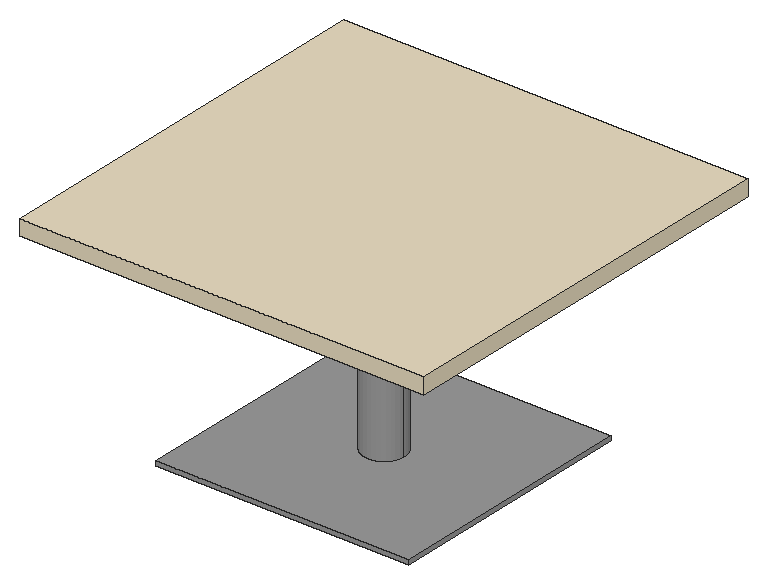
Revit family "FU_Table_Sandler_580BT-XT", category Furniture, Revit 2020
Family settings
  OmniClass Number = 23.40.20.00
  OmniClass Title = General Furniture and Specialties
  Work Plane-Based = No
  Always vertical = Yes
  Cut with Voids When Loaded = No
  Shared = No
  Room Calculation Point = No
Parameters (values of type "580BT XT 32" Square (80cm)")
  Width = 500 mm
  URL = "https://www.sandlerseating.com/product/art-580bt-xt/"
  Top Size = FU_TableTops_MT Sqr : 32" Square (80cm)
  Top Elevation = Height  # 425 mm
  Top Finish [instance] = Wood - Beech - Honey Stained
  Model = "580BT XT"
  Manufacturer = "Sandler"
  Height = 425 mm
  Frame Finish [instance] = Metal - Steel - Polished
  Description = "Table base in stainless steel."
  Depth = Width  # 500 mm
  Default Elevation = 0 mm
Types (5, lengths in mm): name | Top Size | Top Finish | Frame Finish
  (no name) | FU_TableTops_MT Sqr : 32" Square (80cm) | Wood - Beech - Honey Stained | Metal - Steel - Polished
  580BT XT 32" Square (80cm) | FU_TableTops_MT Sqr : 32" Square (80cm) | Wood - Beech - Honey Stained | Metal - Steel - Polished
  580BT XT 36" Square (90cm) | FU_TableTops_MT Sqr : 36" Square (90cm) | Wood - Beech - Grey Stained | Metal - Steel - Matt-Satin
  580BT XT 36" Round (90cm) | FU_TableTops_MT Rnd : 36" Round (90cm) | Wood - Beech - Grey Stained | Metal - Steel - Matt-Satin
  580BT XT 32" Round (80cm) | FU_TableTops_MT Rnd : 32" Round (80cm) | Wood - Beech - Grey Stained | Metal - Steel - Matt-Satin
Reference planes
  plane 1 "Center (Front/Back)": y = 0
  plane 2: z = 0
  plane 3 "Center (Left/Right)": x = 0
  plane 4 "Right": x = -250
  plane 5 "Left": x = 250
  plane 6 "Back": y = 250
  plane 7 "Front": y = -250
  plane 8 "Height": z = 425
  plane 9 "Top Support": z = 405
  plane 10 "Glide Height": z = 6
  plane 11 "Base height": z = 14
  plane 12 "R Pad C": x = -234
  plane 13 "B Pad C": y = 234
  plane 14 "L Pad C": x = 234
  plane 15 "F Pad C": y = -234
Forms (mm)
  Extrusion 1, solid, material "Metal - Steel - Polished" <- "Frame Finish"
    sketch origin (0, 0, 6) x (-1, 0, 0) y (0, -1, 0)
      loop
        line (250, -250) -> (250, 250) -> (-250, 250) -> (-250, -250) -> (250, -250)
    from 0 to 8
  Revolve 2, solid, material "Rubber, Black"
    sketch origin (0, 0, 0) x (1, 0, 0) y (0, 0, 1)
      loop
        line (-234, 0) -> (-234, 6) -> (-242, 6) -> (-242, 2)
        arc (-242, 2) -> (-241.414, 0.586) -> (-240, 0) r 2
        line (-240, 0) -> (-234, 0)
      axis (-234, 6) -> (-234, 0)
    angle from 0 to 360
  Revolve 3, solid, material "Rubber, Black"
    sketch origin (0, 0, 0) x (-1, 0, 0) y (0, 0, 1)
      loop
        line (-234, 0) -> (-234, 6) -> (-242, 6) -> (-242, 2)
        arc (-242, 2) -> (-241.414, 0.586) -> (-240, 0) r 2
        line (-240, 0) -> (-234, 0)
      axis (-234, 6) -> (-234, 0)
    angle from 0 to 360
  Revolve 4, solid, material "Rubber, Black"
    sketch origin (0, 0, 0) x (0, 1, 0) y (0, 0, 1)
      loop
        line (-234, 6) -> (-242, 6) -> (-242, 2)
        arc (-242, 2) -> (-241.414, 0.586) -> (-240, 0) r 2
        line (-240, 0) -> (-234, 0) -> (-234, 6)
      axis (-234, 6) -> (-234, 0)
    angle from 0 to 360
  Revolve 5, solid, material "Rubber, Black"
    sketch origin (0, 0, 0) x (0, -1, 0) y (0, 0, 1)
      loop
        line (-234, 6) -> (-242, 6) -> (-242, 2)
        arc (-242, 2) -> (-241.414, 0.586) -> (-240, 0) r 2
        line (-240, 0) -> (-234, 0) -> (-234, 6)
      axis (-234, 6) -> (-234, 0)
    angle from 0 to 360
  Extrusion 6, solid, material "Metal - Steel - Polished" <- "Frame Finish"
    sketch origin (0, 0, 6) x (-1, 0, 0) y (0, -1, 0)
      loop
        circle (0, 0) r 40
    from 0 to 399
Dimensions and locks
  equal spacing: plane 4 "Right", plane 3 "Center (Left/Right)", plane 5 "Left"
  "Width": plane 4 "Right" to plane 5 "Left"
  equal spacing: plane 6 "Back", plane 1 "Center (Front/Back)", plane 7 "Front"
  "Depth": plane 6 "Back" to plane 7 "Front"
  "Height": plane 8 "Height" to level
  locked: plane 8 "Height" to plane 9 "Top Support" at 20
  locked: plane 4 "Right" to plane 12 "R Pad C" at 16
  plane 14 "L Pad C" to plane 5 "Left" = 16 mm
  locked: plane 6 "Back" to plane 13 "B Pad C" at 16
  locked: plane 15 "F Pad C" to plane 7 "Front" at 16
  aligned and locked: level to plane 2
  aligned and locked: plane 11 "Base height" to Extrusion 1
  aligned and locked: Extrusion 1 to plane 11 "Base height"  (x3)
  aligned and locked: plane 8 "Height" to nested 1
  aligned and locked: Extrusion 6 to plane 10 "Glide Height"
  aligned and locked: plane 9 "Top Support" to Extrusion 6
  aligned and locked: Extrusion 1 sketch curve to plane 6 "Back"
  aligned and locked: Extrusion 1 sketch curve to plane 4 "Right"
  aligned and locked: plane 7 "Front" to Extrusion 1 sketch curve
  aligned and locked: plane 5 "Left" to Extrusion 1 sketch curve
Automatic sketch dimensions
  Revolve 2 sketch curve to plane 10 "Glide Height" = 0 mm
  Revolve 2 sketch curve to level = 0 mm
  plane 12 "R Pad C" to Revolve 2 sketch curve = 0 mm  (x2)
  Revolve 2 sketch curve to Revolve 2 sketch curve = 6 mm
  Revolve 2 sketch curve to Revolve 2 sketch curve = 2 mm
  Revolve 2 sketch curve to level = 10.049 mm
  Revolve 2 sketch curve to plane 11 "Base height" = 2.095 mm
  Revolve 3 sketch curve to plane 10 "Glide Height" = 0 mm
  Revolve 3 sketch curve to level = 0 mm
  Revolve 3 sketch curve to plane 14 "L Pad C" = 0 mm  (x2)
  Revolve 3 sketch curve to Revolve 3 sketch curve = 6 mm
  Revolve 3 sketch curve to Revolve 3 sketch curve = 2 mm
  level to Revolve 3 sketch curve = 10.049 mm
  plane 11 "Base height" to Revolve 3 sketch curve = 2.095 mm
  Revolve 4 sketch curve to plane 10 "Glide Height" = 0 mm
  Revolve 4 sketch curve to level = 0 mm
  Revolve 4 sketch curve to plane 15 "F Pad C" = 0 mm  (x2)
  level to Revolve 4 sketch curve = 2 mm
  plane 15 "F Pad C" to Revolve 4 sketch curve = 6 mm
  Revolve 4 sketch curve to level = 5.787 mm
  Revolve 4 sketch curve to plane 11 "Base height" = 1.201 mm
  Revolve 5 sketch curve to plane 10 "Glide Height" = 0 mm
  Revolve 5 sketch curve to level = 0 mm
  Revolve 5 sketch curve to plane 13 "B Pad C" = 0 mm  (x2)
  Revolve 5 sketch curve to level = 2 mm
  Revolve 5 sketch curve to plane 13 "B Pad C" = 6 mm
  Revolve 5 sketch curve to Revolve 5 sketch curve = 5.787 mm
  plane 11 "Base height" to Revolve 5 sketch curve = 1.201 mm
  plane 1 "Center (Front/Back)" to Extrusion 6 sketch curve = 0 mm
  Extrusion 6 sketch curve to plane 3 "Center (Left/Right)" = 0 mm
  radius of Extrusion 6 sketch curve = 40 mm
Nested families
  nested 1: "MT Top Support" at (0, 0, -295), Frame Finish <- "Frame Finish", type "MT Top Support"
    with Frame Finish Metal - Steel - Polished
  nested 2: "FU_TableTops_MT Sqr" at (0, 0, 0), type <- "Top Size", Top Elevation <- "Top Elevation", Top Finish <- "Top Finish", type "32" Square (80cm)"
    with Top Finish Wood - Beech - Honey Stained, Top Elevation 425 mm
Definition of nested family "MT Top Support"
  Parameters (values of type "MT Top Support")
    Frame Finish [instance] = none
    Default Elevation = 0 mm
  Reference planes
    plane 1 "Center (Front/Back)": y = 0
    plane 2: z = 0
    plane 3 "Center (Left/Right)": x = 0
    plane 4 "Right": x = -210
    plane 5 "Left": x = 210
    plane 6 "Back": y = 210
    plane 7 "Front": y = -210
    plane 8 "Height": z = 720
    plane 9: z = 700
  Forms (mm)
    Extrusion 1, solid, material <- "Frame Finish"
      sketch origin (0, 0, 700) x (-1, 0, 0) y (0, -1, 0)
        loop
          line (48, 44.024) -> (119.736, 115.76)
          arc (119.736, 115.76) -> (116.918, 118.6) -> (114.032, 121.37) r 166.741
          line (114.032, 121.37) -> (40.38, 47.718) -> (-40.38, 47.718) -> (-114.032, 121.37)
          arc (-114.032, 121.37) -> (-116.918, 118.6) -> (-119.736, 115.76) r 166.741
          line (-119.736, 115.76) -> (-48, 44.024) -> (-48, -44.024) -> (-120.014, -116.038)
          arc (-120.014, -116.038) -> (-117.202, -118.884) -> (-114.323, -121.661) r 166.741
          line (-114.323, -121.661) -> (-40.944, -48.282) -> (40.944, -48.282) -> (114.323, -121.661)
          arc (114.323, -121.661) -> (117.202, -118.884) -> (120.014, -116.038) r 166.741
          line (120.014, -116.038) -> (48, -44.024) -> (48, 44.024)
      from 0 to 15
    Extrusion 2, solid, material <- "Frame Finish"
      sketch origin (0, 0, 720) x (-1, 0, 0) y (0, -1, 0)
        loop
          arc (48, 9.198) -> (50.194, 20.46) -> (56.455, 30.074) r 30
          line (56.455, 30.074) -> (155.027, 131.809)
          arc (155.027, 131.809) -> (157.282, 137.439) -> (154.939, 143.033) r 8
          line (154.939, 143.033) -> (142.122, 155.85)
          arc (142.122, 155.85) -> (136.465, 158.193) -> (130.808, 155.85) r 8
          line (130.808, 155.85) -> (32.027, 57.069)
          arc (32.027, 57.069) -> (22.294, 50.566) -> (10.814, 48.282) r 30
          line (10.814, 48.282) -> (-10.814, 48.282)
          arc (-10.814, 48.282) -> (-22.294, 50.566) -> (-32.027, 57.069) r 30
          line (-32.027, 57.069) -> (-130.808, 155.85)
          arc (-130.808, 155.85) -> (-136.465, 158.193) -> (-142.122, 155.85) r 8
          line (-142.122, 155.85) -> (-154.939, 143.033)
          arc (-154.939, 143.033) -> (-157.282, 137.439) -> (-155.027, 131.809) r 8
          line (-155.027, 131.809) -> (-56.455, 30.074)
          arc (-56.455, 30.074) -> (-50.194, 20.46) -> (-48, 9.198) r 30
          line (-48, 9.198) -> (-48, -9.198)
          arc (-48, -9.198) -> (-50.194, -20.46) -> (-56.455, -30.074) r 30
          line (-56.455, -30.074) -> (-155.027, -131.809)
          arc (-155.027, -131.809) -> (-157.282, -137.439) -> (-154.939, -143.033) r 8
          line (-154.939, -143.033) -> (-142.122, -155.85)
          arc (-142.122, -155.85) -> (-136.465, -158.193) -> (-130.808, -155.85) r 8
          line (-130.808, -155.85) -> (-32.027, -57.069)
          arc (-32.027, -57.069) -> (-22.294, -50.566) -> (-10.814, -48.282) r 30
          line (-10.814, -48.282) -> (10.814, -48.282)
          arc (10.814, -48.282) -> (22.294, -50.566) -> (32.027, -57.069) r 30
          line (32.027, -57.069) -> (130.808, -155.85)
          arc (130.808, -155.85) -> (136.465, -158.193) -> (142.122, -155.85) r 8
          line (142.122, -155.85) -> (154.939, -143.033)
          arc (154.939, -143.033) -> (157.282, -137.439) -> (155.027, -131.809) r 8
          line (155.027, -131.809) -> (56.455, -30.074)
          arc (56.455, -30.074) -> (50.194, -20.46) -> (48, -9.198) r 30
          line (48, -9.198) -> (48, 9.198)
        loop
          line (-134.399, -141.055) -> (-124.502, -131.158)
          arc (-124.502, -131.158) -> (-124.502, -125.502) -> (-130.158, -125.502) r 3.999
          line (-130.158, -125.502) -> (-140.055, -135.399)
          arc (-140.055, -135.399) -> (-140, -141.001) -> (-134.399, -141.055) r 4
        loop
          arc (134.399, -141.055) -> (140, -141.001) -> (140.055, -135.399) r 4
          line (140.055, -135.399) -> (130.158, -125.502)
          arc (130.158, -125.502) -> (124.502, -125.502) -> (124.502, -131.158) r 3.999
          line (124.502, -131.158) -> (134.399, -141.055)
        loop
          arc (-134.399, 141.055) -> (-140, 141.001) -> (-140.055, 135.399) r 4
          line (-140.055, 135.399) -> (-130.158, 125.502)
          arc (-130.158, 125.502) -> (-124.502, 125.502) -> (-124.502, 131.158) r 3.999
          line (-124.502, 131.158) -> (-134.399, 141.055)
        loop
          line (134.399, 141.055) -> (124.502, 131.158)
          arc (124.502, 131.158) -> (124.502, 125.502) -> (130.158, 125.502) r 3.999
          line (130.158, 125.502) -> (140.055, 135.399)
          arc (140.055, 135.399) -> (140, 141.001) -> (134.399, 141.055) r 4
        loop
          circle (0, 0) r 7.5
      from -10 to 0
  Dimensions and locks
    equal spacing: plane 4 "Right", plane 3 "Center (Left/Right)", plane 5 "Left"
    plane 4 "Right" to plane 5 "Left" = 420 mm
    equal spacing: plane 6 "Back", plane 1 "Center (Front/Back)", plane 7 "Front"
    plane 6 "Back" to plane 7 "Front" = 420 mm
    plane 8 "Height" to level = 720 mm
    locked: plane 8 "Height" to plane 9 at 20
    aligned and locked: level to plane 2
  Automatic sketch dimensions
    plane 1 "Center (Front/Back)" to Extrusion 2 sketch curve = 0 mm
    Extrusion 2 sketch curve to plane 3 "Center (Left/Right)" = 0 mm
    plane 3 "Center (Left/Right)" to Extrusion 2 sketch curve = 10.814 mm  (x2)
    Extrusion 2 sketch curve to Extrusion 2 sketch curve = 21.213 mm  (x4)
    plane 1 "Center (Front/Back)" to Extrusion 2 sketch curve = 9.198 mm  (x2)
    plane 3 "Center (Left/Right)" to Extrusion 2 sketch curve = 48 mm
    Extrusion 2 sketch curve to plane 1 "Center (Front/Back)" = 30.074 mm  (x2)
    Extrusion 2 sketch curve to Extrusion 2 sketch curve = 8.455 mm  (x4)
    plane 1 "Center (Front/Back)" to Extrusion 2 sketch curve = 30.074 mm  (x2)
    Extrusion 2 sketch curve to plane 1 "Center (Front/Back)" = 9.198 mm  (x2)
    plane 5 "Left" to Extrusion 2 sketch curve = 85.498 mm  (x2)
    Extrusion 2 sketch curve to Extrusion 2 sketch curve = 2.828 mm  (x12)
    Extrusion 2 sketch curve to Extrusion 2 sketch curve = 6.306 mm  (x4)
    Extrusion 2 sketch curve to Extrusion 2 sketch curve = 9.897 mm  (x8)
    Extrusion 2 sketch curve to Extrusion 2 sketch curve = 5.657 mm  (x16)
    Extrusion 2 sketch curve to Extrusion 2 sketch curve = 2.773 mm  (x8)
    Extrusion 2 sketch curve to Extrusion 2 sketch curve = 2.883 mm  (x4)
    Extrusion 2 sketch curve to Extrusion 2 sketch curve = 9.227 mm  (x4)
    Extrusion 2 sketch curve to Extrusion 2 sketch curve = 5.745 mm  (x4)
    Extrusion 2 sketch curve to plane 3 "Center (Left/Right)" = 10.814 mm  (x2)
    Extrusion 2 sketch curve to plane 3 "Center (Left/Right)" = 48 mm
    Extrusion 2 sketch curve to plane 1 "Center (Front/Back)" = 48.282 mm
    Extrusion 2 sketch curve to Extrusion 2 sketch curve = 8.787 mm  (x4)
    Extrusion 2 sketch curve to plane 6 "Back" = 84.498 mm  (x2)
    Extrusion 2 sketch curve to Extrusion 2 sketch curve = 6.307 mm  (x4)
    Extrusion 2 sketch curve to Extrusion 2 sketch curve = 5.567 mm  (x4)
    Extrusion 2 sketch curve to Extrusion 2 sketch curve = 9.138 mm  (x4)
    plane 1 "Center (Front/Back)" to Extrusion 2 sketch curve = 48.282 mm
    plane 7 "Front" to Extrusion 2 sketch curve = 84.498 mm  (x2)
    Extrusion 1 sketch curve to Extrusion 1 sketch curve = 0 mm  (x12)
    Extrusion 1 sketch curve to plane 3 "Center (Left/Right)" = 0 mm
    plane 3 "Center (Left/Right)" to Extrusion 1 sketch curve = 40.38 mm
    plane 3 "Center (Left/Right)" to Extrusion 1 sketch curve = 40.944 mm
    Extrusion 1 sketch curve to Extrusion 1 sketch curve = 7.056 mm  (x2)
    plane 5 "Left" to Extrusion 1 sketch curve = 95.968 mm
    plane 5 "Left" to Extrusion 1 sketch curve = 95.677 mm
    Extrusion 1 sketch curve to Extrusion 1 sketch curve = 5.704 mm  (x2)
    Extrusion 1 sketch curve to Extrusion 1 sketch curve = 5.691 mm  (x2)
    Extrusion 1 sketch curve to plane 3 "Center (Left/Right)" = 40.38 mm
    Extrusion 1 sketch curve to plane 3 "Center (Left/Right)" = 40.944 mm
    Extrusion 1 sketch curve to plane 6 "Back" = 88.339 mm  (x2)
    Extrusion 1 sketch curve to Extrusion 1 sketch curve = 5.623 mm
    Extrusion 1 sketch curve to plane 1 "Center (Front/Back)" = 48.282 mm
    Extrusion 1 sketch curve to Extrusion 1 sketch curve = 4.258 mm  (x2)
    plane 1 "Center (Front/Back)" to Extrusion 1 sketch curve = 44.024 mm  (x2)
    Extrusion 1 sketch curve to Extrusion 1 sketch curve = 3.693 mm
    plane 7 "Front" to Extrusion 1 sketch curve = 94.24 mm  (x2)
    Extrusion 1 sketch curve to plane 4 "Right" = 95.968 mm
    Extrusion 1 sketch curve to plane 4 "Right" = 95.677 mm
    Extrusion 2 sketch curve to plane 4 "Right" = 85.498 mm  (x2)
    radius of Extrusion 2 sketch curve = 7.5 mm
Definition of nested family "FU_TableTops_MT Sqr"
  Parameters (values of type "36" Square (90cm)")
    Width = 900 mm
    Top Finish [instance] = none
    Top Elevation [instance] = 1100 mm
    Depth = 900 mm
    Default Elevation = 0 mm
  Types (2, lengths in mm): name | Width | Depth
    32" Square (80cm) | 800 | 800
    36" Square (90cm) | 900 | 900
  Reference planes
    plane 1 "Center (Front/Back)": y = 0
    plane 2: z = 0
    plane 3 "Center (Left/Right)": x = 0
    plane 4 "Right": x = -450
    plane 5 "Left": x = 450
    plane 6 "Back": y = 450
    plane 7 "Front": y = -450
    plane 8 "Elevation": z = 1100
    plane 9 "Top Height": z = 1131.75
  Forms (mm)
    Extrusion 1, solid, material <- "Top Finish"
      sketch origin (0, 0, 1100) x (-1, 0, 0) y (0, -1, 0)
        loop
          line (450, -450) -> (450, 450) -> (-450, 450) -> (-450, -450) -> (450, -450)
      from 0 to 31.75
  Dimensions and locks
    equal spacing: plane 4 "Right", plane 3 "Center (Left/Right)", plane 5 "Left"
    "Width": plane 4 "Right" to plane 5 "Left"
    equal spacing: plane 6 "Back", plane 1 "Center (Front/Back)", plane 7 "Front"
    "Depth": plane 6 "Back" to plane 7 "Front"
    "Top Elevation": plane 8 "Elevation" to level
    locked: plane 9 "Top Height" to plane 8 "Elevation" at 31.75
    aligned and locked: level to plane 2
    aligned and locked: Extrusion 1 sketch curve to plane 6 "Back"
    aligned and locked: Extrusion 1 sketch curve to plane 4 "Right"
    aligned and locked: plane 7 "Front" to Extrusion 1 sketch curve
    aligned and locked: plane 5 "Left" to Extrusion 1 sketch curve
    aligned and locked: Extrusion 1 to plane 8 "Elevation"
    aligned and locked: plane 8 "Elevation" to Extrusion 1  (x2)
    aligned and locked: plane 9 "Top Height" to Extrusion 1
    aligned and locked: Extrusion 1 to plane 9 "Top Height"
